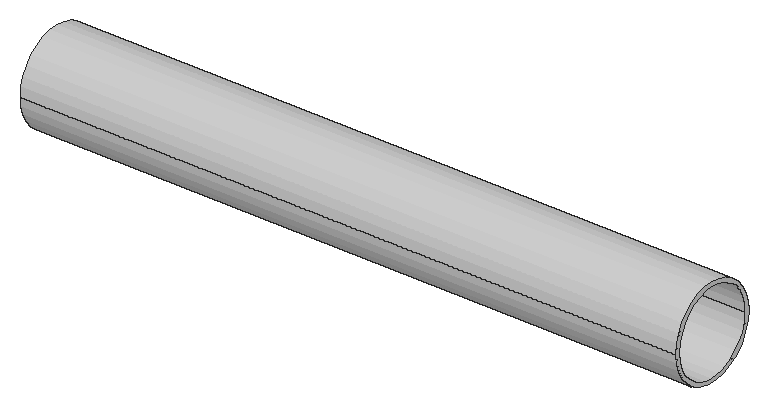
Revit family "018e846afef6421395f092052035b67c", category Structural Framing, Revit 2021
Family settings
  Structural Framing Length Roundoff = 0' - 0"
  Section Shape = Pipe Standard
  Material for Model Behavior = Steel
  Always export as geometry = No
  Family Name Key = Pipe
  Code Name = AISC 14.1
  OmniClass Number = 23.25.30.11.14.14
  OmniClass Title = Beams
  Seek Item ID = Pipe-0000-USA-ENU
  Always vertical = Yes
  Cut with Voids When Loaded = No
  Symbolic Representation = From Project Settings
  Shared = No
  Show family pre-cut in plan views = Yes
Parameters (values of type "Pipe6STD")
  Warping Constant = 0.00 in⁶
  Wall Nominal Thickness = 0' - 0.28"
  Wall Design Thickness = 0.261"
  Torsional Moment of Inertia = 52.900 in⁴
  Torsional Modulus = 0.0000 in³
  Structural Material [instance] = Steel ASTM A500, Grade B, Round
  Section Name Key = ""
  Section Area = 5.20 in²
  Principal Axes Angle = 0.00°
  Plastic Modulus weak axis = 10.6000 in³
  Plastic Modulus strong axis = 10.6000 in³
  Nominal Weight = 19.00 lbf/ft
  Moment of Inertia weak axis = 26.500 in⁴
  Moment of Inertia strong axis = 26.500 in⁴
  Elastic Modulus weak axis = 7.9900 in³
  Elastic Modulus strong axis = 7.9900 in³
  Diameter = 0' - 6.63"
  Centroid Vertical = Diameter / 2  # 3.315"
  Centroid Horizontal = Diameter / 2  # 3.315"
  Assembly Code = "B10"
  Length [instance] = 5' - 0"
Reference planes (in)
  plane 1 "Center (Front/Back)": y = 0
  plane 2: z = 0
  plane 3 "Center (Left/Right)": x = 0.1815
  plane 4 "Member Left": x = -23.8185
  plane 5 "Member Right": x = 24.1815
  plane 6: y = 3.315
  plane 7: y = -3.315
  plane 8 "Top": z = 3.315
  plane 9: z = -3.315
  plane 10 "Left": x = -29.8185
  plane 11 "Right": x = 30.1815
Forms (in)
  Extrusion 1, solid, material "Steel ASTM A500, Grade B, Round" <- "Structural Material", detail levels medium+fine
    sketch origin (0.1815, 0, 0) x (0, 1, 0) y (0, 0, 1)
      loop
        circle (0, 0) r 3.315
      loop
        circle (0, 0) r 3.035
    from -24 to 24
Lines and regions (in)
  symbolic lines, style "Stick Symbols", detail levels coarse
    curve 1: arc (0, 3.315, 0) -> (0, 0, -3.315) -> (0, -3.315, 0) r 3.315
    curve 2: arc (0, -3.315, 0) -> (0, 0, 3.315) -> (0, 3.315, 0) r 3.315
Dimensions and locks (in)
  "Diameter": plane 6 to plane 7
  "Diameter": plane 9 to plane 8 "Top"
  equal spacing: plane 9, plane 2, plane 8 "Top"
  equal spacing: plane 6, plane 1 "Center (Front/Back)", plane 7
  "Length": plane 10 "Left" to plane 11 "Right"
  "Wall Nominal Thickness": plane 6 to Extrusion 1 sketch curve
  "Wall Nominal Thickness": Extrusion 1 sketch curve to plane 7
  aligned and locked: plane 4 "Member Left" to Extrusion 1
  aligned and locked: Extrusion 1 to plane 5 "Member Right"
  aligned and locked: plane 2 to level
Automatic sketch dimensions
  curve 1 to level = 0' - 0"
  curve 1 to plane 7 = 0' - 0"
  curve 1 to plane 1 "Center (Front/Back)" = 0' - 0"
  Extrusion 1 sketch curve to Extrusion 1 sketch curve = 0' - 0"  (x2)
  Extrusion 1 sketch curve to level = 0' - 0"
  Extrusion 1 sketch curve to plane 7 = 0' - 0"
